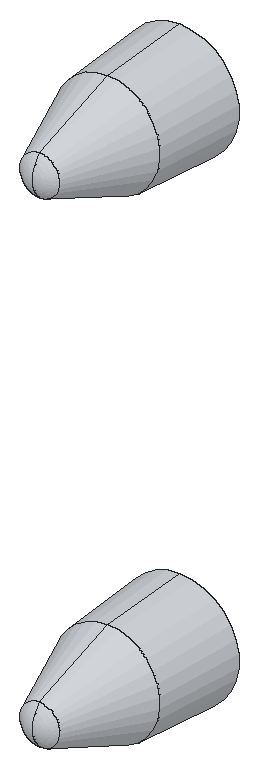
Revit family "Sample_Family_Four", category Plumbing Fixtures, Revit 2022
Family settings
  Round Connector Dimension = Use Diameter
  Part Type = Normal
  OmniClass Number = 23.45.00.00
  OmniClass Title = Sanitary, Laundry, and Cleaning Equipment
  Work Plane-Based = No
  Always vertical = Yes
  Cut with Voids When Loaded = No
  Maintain Annotation Orientation = No
  Shared = Yes
  Room Calculation Point = No
Parameters (values of type "HYTP-502")
  WIDTH_BVN = 0 mm
  MOUNTING_HEIGHT_US_BVN = 0 mm
  MOUNTING_HEIGHT_TOP_BVN = 0 mm
  MOUNTING_HEIGHT_TAP_LOW [instance] = 1000 mm
  MOUNTING_HEIGHT_TAP_HIGH [instance] = 1200 mm
  MOUNTING_HEIGHT_CENTRE_BVN = 0 mm
  LENGTH_BVN = 0 mm
  Keynote = "HYTP-502"
  ItemGroup = "1"
  ItemDescription = "TAPWARE: warm & cold, shower, wall mounted, anti ligature"
  ItemCode = "HYTP-502"
  HEIGHT_BVN = 0 mm
  DetailedCategory [instance] = ""
  Default Elevation = 0 mm
  Assembly Code = "HYTP-502"
Reference planes
  plane 1 "Center (Front/Back)": y = 0
  plane 2: z = 0
  plane 3 "Center (Left/Right)": x = 0
  plane 4: z = 1200
  plane 5: z = 1000
Forms (mm)
  Revolve 1, solid
    sketch origin (0, 0, -450) x (0, 1, 0) y (0, 0, -1)
      loop
        line (0, -1650) -> (-75, -1650)
        arc (-75, -1650) -> (-73.922, -1654.497) -> (-71.088, -1658.151) r 10.977
        line (-71.088, -1658.151) -> (-36.765, -1671.326) -> (0, -1673.897) -> (0, -1650)
      axis (0, -1650) -> (-75, -1650)
    angle from 0 to 360
  Revolve 2, solid
    sketch origin (0, 0, -305) x (0, 1, 0) y (0, 0, -1)
      loop
        line (0, -1305) -> (-75, -1305)
        arc (-75, -1305) -> (-73.922, -1309.497) -> (-71.088, -1313.151) r 10.977
        line (-71.088, -1313.151) -> (-36.765, -1326.326) -> (0, -1328.897) -> (0, -1305)
      axis (0, -1305) -> (-75, -1305)
    angle from 0 to 360
Lines and regions (mm)
  model lines, style "InvisibleLines"
    curve 1: line (0, 0, 0) -> (0, 0, 1200)
Dimensions and locks
  "MOUNTING_HEIGHT_TAP_HIGH": plane 4 to level
  "MOUNTING_HEIGHT_TAP_LOW": plane 5 to plane 2
  aligned and locked: level to plane 2
  aligned and locked: plane 4 to curve 1
  aligned and locked: plane 3 "Center (Left/Right)" to Revolve 1
Automatic sketch dimensions
  curve 1 to plane 3 "Center (Left/Right)" = 0 mm
  curve 1 to level = 0 mm
  Revolve 1 sketch curve to plane 4 = 0 mm  (x2)
  Revolve 1 sketch curve to plane 1 "Center (Front/Back)" = 0 mm  (x2)
  plane 1 "Center (Front/Back)" to Revolve 1 sketch curve = 36.765 mm
  Revolve 1 sketch curve to plane 4 = 0.253 mm
  Revolve 1 sketch curve to Revolve 1 sketch curve = 27.261 mm
  plane 4 to Revolve 1 sketch curve = 8.151 mm
  Revolve 1 sketch curve to Revolve 1 sketch curve = 7.062 mm
  plane 4 to Revolve 1 sketch curve = 21.326 mm
  Revolve 1 sketch curve to Revolve 1 sketch curve = 23.897 mm
  Revolve 1 sketch curve to Revolve 1 sketch curve = 0 mm
  Revolve 2 sketch curve to plane 5 = 0 mm  (x2)
  Revolve 2 sketch curve to plane 1 "Center (Front/Back)" = 0 mm  (x2)
  plane 1 "Center (Front/Back)" to Revolve 2 sketch curve = 36.765 mm
  Revolve 2 sketch curve to plane 5 = 0.253 mm
  Revolve 2 sketch curve to Revolve 2 sketch curve = 27.261 mm
  plane 5 to Revolve 2 sketch curve = 8.151 mm
  Revolve 2 sketch curve to Revolve 2 sketch curve = 7.062 mm
  plane 5 to Revolve 2 sketch curve = 21.326 mm
  Revolve 2 sketch curve to Revolve 2 sketch curve = 23.897 mm
  Revolve 2 sketch curve to Revolve 2 sketch curve = 0 mm
